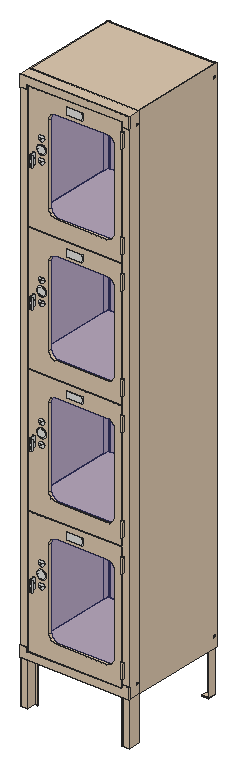
Revit family "Metal_See_Through_Lockers-Salsbury_Industries-S_54000_Series-1_Wide_Units", category Specialty Equipment, Revit 2016 (continued)
Definition of nested family "Metal Locker Front Filler"
  Automatic sketch dimensions
    plane 7 "Right Side of Filler" to Extrusion 4 sketch curve = 0.77824"
Definition of nested family "Metal Locker Flat Top Filler"
  Parameters (values of type "77842 - for 12" Deep Lockers (15" W)")
    Width = 16.250"
    Visible = yes
    Version = "1.0 (11/30/15)"
    Type Comments = "Flat Top Filler for Standard Metal Lockers"
    Primary Structure Material = none
    Model = "77842"
    MasterFormat Title = ""
    MasterFormat Number = ""
    Manufacturer = "Salsbury Industries"
    Height = 1.003"
    Description = "15\"W Flat Top In-Line Filler"
    Depth = 12.118"
    Assembly Code = ""
  Types (7): name | Width | Visible | Model | Depth
    77842 - for 12" Deep Lockers (15" W) | 16.250" | yes | "77842" | 12.118"
    77842 - for 12" Deep Lockers (9" W) | 10.250" | yes | "77842" | 12.118"
    77845 - for 15" Deep Lockers (15" W) | 16.250" | yes | "77845" | 15.118"
    77845 - for 15" Deep Lockers (9" W) | 10.250" | yes | "77845" | 15.118"
    77848 - for 18" Deep Lockers (15" W) | 16.250" | yes | "77848" | 18.118"
    77848 - for 18" Deep Lockers (9" W) | 10.250" | yes | "77848" | 18.118"
    None | 16.250" | no | "" | 12.118"
  Reference planes (in)
    plane 1 "Center (Front/Back)": y = -2.167
    plane 2: z = 0
    plane 3 "Center (Left/Right)": x = -4.595
    plane 4 "Bottom of Panel": z = 0
    plane 5 "Top of Panel": z = 1.003
    plane 6 "Front of Panel": y = -8.226
    plane 7 "Right Side of Enclosure": x = 3.53
    plane 8 "Left Side of Enclosure": x = -12.72
    plane 9 "Back of Panel": y = 3.892
    plane 10: z = 0.5015
  Forms (in)
    Extrusion 1, solid, material <- "Primary Structure Material", visible <- "Visible"
      sketch origin (-4.595, 0, 0) x (0, 1, 0) y (0, 0, 1)
        loop
          line (-8.226, 0) -> (-8.178, 0) -> (-8.178, 0.955) -> (3.892, 0.955) -> (3.892, 1.003) -> (-8.226, 1.003) -> (-8.226, 0)
      from -8.125 to 8.125
  Dimensions and locks (in)
    equal spacing: plane 6 "Front of Panel", plane 1 "Center (Front/Back)", plane 9 "Back of Panel"
    "Depth": plane 6 "Front of Panel" to plane 9 "Back of Panel"
    equal spacing: plane 8 "Left Side of Enclosure", plane 3 "Center (Left/Right)", plane 7 "Right Side of Enclosure"
    "Width": plane 8 "Left Side of Enclosure" to plane 7 "Right Side of Enclosure"
    equal spacing: plane 5 "Top of Panel", plane 10, plane 2
    "Height": plane 5 "Top of Panel" to plane 2
    aligned and locked: level to plane 2
    aligned and locked: Extrusion 1 to plane 7 "Right Side of Enclosure"
    aligned and locked: plane 8 "Left Side of Enclosure" to Extrusion 1
    aligned and locked: plane 6 "Front of Panel" to Extrusion 1
    aligned and locked: Extrusion 1 to plane 9 "Back of Panel"
  Automatic sketch dimensions
    plane 5 "Top of Panel" to Extrusion 1 sketch curve = 0.000"
    Extrusion 1 sketch curve to plane 6 "Front of Panel" = 0.000"
    Extrusion 1 sketch curve to level = 0.000"
    Extrusion 1 sketch curve to plane 9 "Back of Panel" = 0.000"
    Extrusion 1 sketch curve to plane 6 "Front of Panel" = 0.048"
    plane 5 "Top of Panel" to Extrusion 1 sketch curve = 0.048"
Definition of nested family "Metal Locker Flat Corner Filler"
  Parameters (values of type "77832 - for 12" Deep Lockers")
    Width = 12.625"
    Visible = yes
    Version = "1.0 (11/30/15)"
    Type Comments = "Flat Top Corner Filler for Standard Metal Lockers"
    Primary Structure Material = none
    Model = "77832"
    MasterFormat Title = ""
    MasterFormat Number = ""
    Manufacturer = "Salsbury Industries"
    Height = 0.048"
    Description = "12\"W Flat Top Corner Filler"
    Depth = 12.625"
    Assembly Code = ""
  Types (4): name | Width | Visible | Model | Description | Depth
    77832 - for 12" Deep Lockers | 12.625" | yes | "77832" | "12\"W Flat Top Corner Filler" | 12.625"
    77835 - for 15" Deep Lockers | 15.625" | yes | "77835" | "15\"W Flat Top Corner Filler" | 15.625"
    77838 - for 18" Deep Lockers | 18.625" | yes | "77838" | "18\"W Flat Top Corner Filler" | 18.625"
    None | 12.625" | no | "" | "" | 12.625"
  Reference planes (in)
    plane 1 "Center (Front/Back)": y = -2.167
    plane 2: z = 0
    plane 3 "Center (Left/Right)": x = -4.595
    plane 4 "Bottom of Panel": z = 0
    plane 5 "Top of Panel": z = 0.048
    plane 6 "Front of Panel": y = -8.4795
    plane 7 "Right Side of Enclosure": x = 1.7175
    plane 8 "Left Side of Enclosure": x = -10.9075
    plane 9 "Back of Panel": y = 4.1455
    plane 10: z = 0.024
  Forms (in)
    Extrusion 1, solid, material <- "Primary Structure Material", visible <- "Visible"
      sketch origin (0, 0, 0) x (0, -1, 0) y (1, 0, 0)
        loop
          line (7.8545, -10.9075) -> (7.8545, -10.2825) -> (8.4795, -10.2825) -> (8.4795, 1.7175) -> (-4.1455, 1.7175) -> (-4.1455, -10.9075) -> (7.8545, -10.9075)
      from 0 to 0.048
  Dimensions and locks (in)
    equal spacing: plane 6 "Front of Panel", plane 1 "Center (Front/Back)", plane 9 "Back of Panel"
    "Depth": plane 6 "Front of Panel" to plane 9 "Back of Panel"
    equal spacing: plane 8 "Left Side of Enclosure", plane 3 "Center (Left/Right)", plane 7 "Right Side of Enclosure"
    "Width": plane 8 "Left Side of Enclosure" to plane 7 "Right Side of Enclosure"
    equal spacing: plane 5 "Top of Panel", plane 10, plane 2
    "Height": plane 5 "Top of Panel" to plane 2
    aligned and locked: level to plane 2
    aligned and locked: Extrusion 1 to plane 9 "Back of Panel"
    aligned and locked: plane 6 "Front of Panel" to Extrusion 1
    aligned and locked: Extrusion 1 to plane 7 "Right Side of Enclosure"
    aligned and locked: plane 8 "Left Side of Enclosure" to Extrusion 1
  Automatic sketch dimensions
    Extrusion 1 sketch curve to plane 8 "Left Side of Enclosure" = 0.000"
    plane 9 "Back of Panel" to Extrusion 1 sketch curve = 0.000"
    plane 6 "Front of Panel" to Extrusion 1 sketch curve = 0.000"
    Extrusion 1 sketch curve to plane 7 "Right Side of Enclosure" = 0.000"
    Extrusion 1 sketch curve to plane 8 "Left Side of Enclosure" = 0.625"
    Extrusion 1 sketch curve to plane 6 "Front of Panel" = 0.625"
Definition of nested family "Metal Locker Sloping Hood"
  Parameters (values of type "77765 - for 15" Deep Lockers (1 Wide)")
    Width = 15.040"
    Visible = yes
    Version = "1.0 (11/30/15)"
    Type Comments = "Sloping Hood for Standard Metal Lockers"
    Slope Angle = 29.946°
    Primary Structure Material = none
    Model = "77752"
    MasterFormat Title = ""
    MasterFormat Number = ""
    Manufacturer = "Salsbury Industries"
    Height = 6.625"
    Dividing Lines = no
    Description = "12\" Deep for up to (3) 12\" Wide Lockers"
    Depth = 15.070"
    Assembly Code = ""
  Types (12): name | Width | Visible | Slope Angle | Model | Height | Dividing Lines | Description | Depth
    77752 - for 12" Deep Lockers (1 Wide) | 12.040" | yes | 28.761° | "77752" | 6.625" | no | "12\" Deep for up to (3) 12\" Wide Lockers" | 12.070"
    77752 - for 12" Deep Lockers (3 Wide) | 36.040" | yes | 28.761° | "77752" | 6.625" | yes | "12\" Deep for up to (3) 12\" Wide Lockers" | 12.070"
    77755 - for 15" Deep Lockers (1 Wide) | 12.040" | yes | 29.946° | "77755" | 8.682" | no | "15\" Deep for up to (3) 12\" Wide Lockers" | 15.070"
    77755 - for 15" Deep Lockers (3 Wide) | 36.040" | yes | 29.946° | "77755" | 8.628" | yes | "15\" Deep for up to (3) 12\" Wide Lockers" | 15.070"
    77758 - for 18" Deep Lockers (1 Wide) | 12.040" | yes | 30.723° | "77758" | 10.739" | no | "18\" Deep for up to (3) 12\" Wide Lockers" | 18.070"
    77758 - for 18" Deep Lockers (3 Wide) | 36.040" | yes | 30.723° | "77758" | 10.739" | yes | "18\" Deep for up to (3) 12\" Wide Lockers" | 18.070"
    None | 12.000" | no | 28.761° | "" | 6.625" | no | "" | 12.070"
    77765 - for 15" Deep Lockers (1 Wide) | 15.040" | yes | 29.946° | "77752" | 6.625" | no | "12\" Deep for up to (3) 12\" Wide Lockers" | 15.070"
    77768 - for 18" Deep Lockers (1 Wide) | 15.040" | yes | 30.723° | "77752" | 6.625" | no | "12\" Deep for up to (3) 12\" Wide Lockers" | 18.070"
    77765 - for 15" Deep Lockers (3 Wide) | 45.040" | yes | 29.946° | "77752" | 6.625" | yes | "12\" Deep for up to (3) 12\" Wide Lockers" | 15.070"
    77768 - for 18" Deep Lockers (3 Wide) | 45.040" | yes | 30.723° | "77752" | 6.625" | yes | "12\" Deep for up to (3) 12\" Wide Lockers" | 18.070"
    77759 - for 18" Deep Bridge Lockers | 72.040" | yes | 30.723° | "77752" | 6.625" | no | "12\" Deep for up to (3) 12\" Wide Lockers" | 18.070"
  Reference planes (in)
    plane 1 "Center (Front/Back)": y = -2.167
    plane 2: z = 0
    plane 3 "Center (Left/Right)": x = -4.595
    plane 4 "Bottom of Panel": z = 0
    plane 5 "Top of Panel": z = 6.625
    plane 6 "Front of Panel": y = -9.702
    plane 7 "Right Side of Enclosure": x = 2.925
    plane 8 "Left Side of Enclosure": x = -12.115
    plane 9 "Back of Panel": y = 5.368
    plane 10: z = 3.3125
    plane 11: through (0, -8.18107, 0.8762) normal (0, -0.4992, 0.8665)
    plane 12: through (0, -8.30682, 0.76798) normal (0, -0.4992, 0.8665)
    plane 13: y = 5.337
    plane 14: y = 5.306
    plane 15: y = 5.275
    plane 16: y = 4.87433
    plane 17 "Divider 1": x = -7.10167
    plane 18 "Divider 2": x = -2.08833
  Forms (in)
    Extrusion 1, solid, material <- "Primary Structure Material", visible <- "Visible"
      sketch origin (2.925, 0, 0) x (0, 0, -1) y (0, -1, 0)
        loop
          line (-8.68174, -5.368) -> (0, -5.368) -> (0, 9.702) -> (-8.68174, -5.368)
      from 0 to 0.031
    Extrusion 2, solid, material <- "Primary Structure Material", visible <- "Visible"
      sketch origin (2.925, 0, 0) x (0, 0, -1) y (0, -1, 0)
        loop
          line (0, -5.368) -> (0, -5.337) -> (-8.66388, -5.337) -> (-8.68174, -5.368) -> (0, -5.368)
      from 0.03098 to 0.40598
    Extrusion 3, solid, material <- "Primary Structure Material", visible <- "Visible"
      sketch origin (2.925, 0, 0) x (0, 0, -1) y (0, -1, 0)
        loop
          line (0, -5.337) -> (0, 9.6399) -> (-0.031, 9.58609) -> (-0.031, -5.337) -> (0, -5.337)
      from 0.031 to 0.80198
    Extrusion 4, solid, material <- "Primary Structure Material", visible <- "Visible"
      sketch origin (-12.115, 0, 0) x (0, 0, -1) y (0, -1, 0)
        loop
          line (-8.68174, -5.368) -> (0, -5.368) -> (0, 9.702) -> (-8.68174, -5.368)
      from 0 to -0.031
    Extrusion 5, solid, material <- "Primary Structure Material", visible <- "Visible"
      sketch origin (-12.115, 0, 0) x (0, 0, -1) y (0, -1, 0)
        loop
          line (0, -5.368) -> (0, -5.337) -> (-8.66388, -5.337) -> (-8.68174, -5.368) -> (0, -5.368)
      from -0.031 to -0.406
    Extrusion 6, solid, material <- "Primary Structure Material", visible <- "Visible"
      sketch origin (-12.115, 0, 0) x (0, 0, -1) y (0, -1, 0)
        loop
          line (0, -5.337) -> (0, 9.6399) -> (-0.031, 9.58609) -> (-0.031, -5.337) -> (0, -5.337)
      from -0.031 to -0.802
    Extrusion 7, solid, material <- "Primary Structure Material", visible <- "Visible"
      sketch origin (-4.595, 0, 0) x (0, 1, 0) y (0, 0, 1)
        loop
          line (5.337, 8.66388) -> (-9.702, 0) -> (-9.34738, 0) -> (-9.34738, 0.031) -> (-9.58609, 0.031) -> (5.306, 8.61025) -> (5.306, 8.27289) -> (5.337, 8.27289) -> (5.337, 8.66388)
      from -7.489 to 7.489
    Extrusion 8, solid, material <- "Primary Structure Material", visible <- "Visible"
      sketch origin (-4.595, -0.031, 0) x (0, 1, 0) y (0, 0, 1)
        loop
          line (5.337, 0.031) -> (5.337, 8.61025) -> (5.306, 8.59239) -> (5.306, 0.031) -> (5.337, 0.031)
      from -7.489 to 7.489
    Extrusion 9, solid, material <- "Primary Structure Material", visible <- "Visible"
      sketch origin (0, -0.031, 0) x (0, -1, 0) y (1, 0, 0)
        loop
          line (-5.306, -11.25653) -> (-4.90533, -11.25653) -> (-4.90533, 2.06919) -> (-5.306, 2.06919) -> (-5.306, -11.25653)
      from 0.031 to 0.06464
  Lines and regions (in)
    model lines, visible <- "Dividing Lines"
      curve 1: line (-7.10167, -9.71397, -0.0069) -> (-7.10167, 5.368, 8.68174)
      curve 2: line (-2.08833, -9.71397, -0.0069) -> (-2.08833, 5.368, 8.68174)
  Dimensions and locks (in)
    equal spacing: plane 6 "Front of Panel", plane 1 "Center (Front/Back)", plane 9 "Back of Panel"
    "Depth": plane 6 "Front of Panel" to plane 9 "Back of Panel"
    equal spacing: plane 8 "Left Side of Enclosure", plane 17 "Divider 1", plane 18 "Divider 2", plane 7 "Right Side of Enclosure"
    "Width": plane 8 "Left Side of Enclosure" to plane 7 "Right Side of Enclosure"
    equal spacing: plane 5 "Top of Panel", plane 10, plane 2
    "Height": plane 5 "Top of Panel" to plane 2
    locked: plane 11 to plane 12 at 0.031
    plane 16 to plane 15 to plane 14 to plane 13 to plane 9 "Back of Panel" = 0.40067", 0.031", 0.031", 0.031"
    equal spacing: plane 8 "Left Side of Enclosure", plane 3 "Center (Left/Right)", plane 7 "Right Side of Enclosure"
    "Slope Angle": angle plane 4 "Bottom of Panel" to plane 11
    aligned and locked: level to plane 2
    aligned and locked: Extrusion 1 to plane 9 "Back of Panel"
    aligned and locked: plane 4 "Bottom of Panel" to Extrusion 1
    aligned and locked: Extrusion 7 to Extrusion 1
    aligned and locked: Extrusion 7 to Extrusion 4
    aligned and locked: Extrusion 7 to Extrusion 8  (x2)
    aligned and locked: plane 11 to Extrusion 7 sketch curve
    aligned and locked: plane 12 to Extrusion 7 sketch curve
    aligned and locked: plane 12 to Extrusion 8 sketch curve
    aligned and locked: Extrusion 4 sketch curve to plane 11
    aligned and locked: Extrusion 1 sketch curve to plane 11
    aligned and locked: Extrusion 3 sketch curve to plane 12
    aligned and locked: Extrusion 6 sketch curve to plane 12
    aligned and locked: plane 13 to Extrusion 7
    aligned and locked: plane 14 to Extrusion 8
    aligned and locked: plane 15 to Extrusion 8
    aligned and locked: plane 16 to Extrusion 9
    aligned and locked: plane 13 to Extrusion 7 sketch curve
    aligned and locked: Extrusion 7 sketch curve to plane 14
    aligned and locked: plane 13 to Extrusion 2 sketch curve
    aligned and locked: plane 11 to Extrusion 2 sketch curve
    aligned and locked: plane 13 to Extrusion 5 sketch curve
    aligned and locked: plane 11 to Extrusion 5 sketch curve
    aligned and locked: curve 2 to plane 18 "Divider 2"
    aligned and locked: curve 1 to plane 17 "Divider 1"
  Automatic sketch dimensions
    Extrusion 7 sketch curve to level = 0.000"
    level to Extrusion 7 sketch curve = 0.031"
    Extrusion 7 sketch curve to Extrusion 7 sketch curve = 0.23871"
    Extrusion 7 sketch curve to Extrusion 7 sketch curve = 0.33736"
    Extrusion 1 sketch curve to plane 9 "Back of Panel" = 0.000"
    Extrusion 1 sketch curve to level = 0.000"
    Extrusion 2 sketch curve to plane 9 "Back of Panel" = 0.000"
    Extrusion 2 sketch curve to level = 0.000"
    Extrusion 3 sketch curve to plane 13 = 0.000"
    Extrusion 3 sketch curve to level = 0.000"
    level to Extrusion 3 sketch curve = 0.031"
    Extrusion 4 sketch curve to plane 9 "Back of Panel" = 0.000"
    Extrusion 4 sketch curve to level = 0.000"
    Extrusion 5 sketch curve to plane 9 "Back of Panel" = 0.000"
    Extrusion 5 sketch curve to level = 0.000"
    Extrusion 6 sketch curve to plane 13 = 0.000"
    Extrusion 6 sketch curve to level = 0.000"
    Extrusion 6 sketch curve to Extrusion 6 sketch curve = 0.031"
    Extrusion 8 sketch curve to plane 15 = 0.000"
    Extrusion 8 sketch curve to plane 14 = 0.000"
    level to Extrusion 8 sketch curve = 0.031"
    plane 15 to Extrusion 9 sketch curve = 0.000"
    plane 16 to Extrusion 9 sketch curve = 0.000"
    Extrusion 9 sketch curve to plane 8 "Left Side of Enclosure" = 0.85847"
    plane 7 "Right Side of Enclosure" to Extrusion 9 sketch curve = 0.85581"
    curve 1 to plane 9 "Back of Panel" = 0.000"
    plane 11 to curve 1 = 0.000"
    curve 1 to plane 11 = 0.000"
    curve 1 to level = 0.0069"
    curve 2 to plane 9 "Back of Panel" = 0.000"
    plane 11 to curve 2 = 0.000"
    curve 2 to plane 11 = 0.000"
    curve 2 to level = 0.0069"
Definition of nested family "Metal Locker Sloping Top Filler"
  Parameters (values of type "77882 - for 12" Deep Lockers (15" W)")
    Width = 16.250"
    Visible = yes
    Version = "1.0 (11/30/15)"
    Type Comments = "Sloping Hood In-Line Filler for Standard Metal Lockers"
    Slope Angle = 28.761°
    Primary Structure Material = none
    Model = "77882"
    MasterFormat Title = ""
    MasterFormat Number = ""
    Manufacturer = "Salsbury Industries"
    Height = 1.003"
    Description = "15\"W Sloping Hood In-Line Filler"
    Depth = 12.118"
    Assembly Code = ""
  Types (7): name | Width | Visible | Type Comments | Slope Angle | Model | Description | Depth
    77882 - for 12" Deep Lockers (15" W) | 16.250" | yes | "Sloping Hood In-Line Filler for Standard Metal Lockers" | 28.761° | "77882" | "15\"W Sloping Hood In-Line Filler" | 12.118"
    77882 - for 12" Deep Lockers (9" W) | 10.250" | yes | "Sloping Hood In-Line Filler for Standard Metal Lockers" | 28.761° | "77882" | "15\"W Sloping Hood In-Line Filler" | 12.118"
    77885 - for 15" Deep Lockers (15" W) | 16.250" | yes | "Sloping Hood In-Line Filler for Standard Metal Lockers" | 29.946° | "77885" | "15\"W Sloping Hood In-Line Filler" | 15.118"
    77885 - for 15" Deep Lockers (9" W) | 10.250" | yes | "Sloping Hood In-Line Filler for Standard Metal Lockers" | 29.946° | "77885" | "15\"W Sloping Hood In-Line Filler" | 15.118"
    77888 - for 18" Deep Lockers (15" W) | 16.250" | yes | "Sloping Hood In-Line Filler for Standard Metal Lockers" | 30.723° | "77888" | "15\"W Sloping Hood In-Line Filler" | 18.118"
    77888 - for 18" Deep Lockers (9" W) | 10.250" | yes | "Sloping Hood In-Line Filler for Standard Metal Lockers" | 30.723° | "77888" | "15\"W Sloping Hood In-Line Filler" | 18.118"
    None | 16.250" | no | "Sloping Hood for Standard Metal Lockers" | 28.761° | "" | "" | 12.118"
  Reference planes (in)
    plane 1 "Center (Front/Back)": y = -2.167
    plane 2: z = 0
    plane 3 "Center (Left/Right)": x = -4.595
    plane 4 "Bottom of Panel": z = 0
    plane 5 "Top of Panel": z = 1.003
    plane 6 "Front of Panel": y = -8.226
    plane 7 "Right Side of Enclosure": x = 3.53
    plane 8 "Left Side of Enclosure": x = -12.72
    plane 9 "Back of Panel": y = 3.892
    plane 10: z = 0.5015
    plane 11: through (0, -7.6072, 0.33964) normal (0, -0.4812, 0.8766)
    plane 12: through (0, -7.72698, 0.21914) normal (0, -0.4812, 0.8766)
  Forms (in)
    Extrusion 1, solid, material <- "Primary Structure Material", visible <- "Visible"
      sketch origin (-4.595, 0, 0) x (0, 1, 0) y (0, 0, 1)
        loop
          line (3.892, 6.65119) -> (-8.226, 0) -> (-8.226, -1.028) -> (-8.178, -1.028) -> (-8.178, -0.02841) -> (3.892, 6.59643) -> (3.892, 6.65119)
      from -8.125 to 8.125
  Dimensions and locks (in)
    equal spacing: plane 6 "Front of Panel", plane 1 "Center (Front/Back)", plane 9 "Back of Panel"
    "Depth": plane 6 "Front of Panel" to plane 9 "Back of Panel"
    equal spacing: plane 8 "Left Side of Enclosure", plane 3 "Center (Left/Right)", plane 7 "Right Side of Enclosure"
    "Width": plane 8 "Left Side of Enclosure" to plane 7 "Right Side of Enclosure"
    equal spacing: plane 5 "Top of Panel", plane 10, plane 2
    "Height": plane 5 "Top of Panel" to plane 2
    locked: plane 11 to plane 12 at 0.048
    "Slope Angle": angle plane 4 "Bottom of Panel" to plane 11
    aligned and locked: level to plane 2
    aligned and locked: plane 11 to Extrusion 1 sketch curve
    aligned and locked: plane 12 to Extrusion 1 sketch curve
    aligned and locked: Extrusion 1 to plane 7 "Right Side of Enclosure"
    aligned and locked: plane 8 "Left Side of Enclosure" to Extrusion 1
  Automatic sketch dimensions
    Extrusion 1 sketch curve to plane 6 "Front of Panel" = 0.000"
    Extrusion 1 sketch curve to Extrusion 1 sketch curve = 0.99959"
    Extrusion 1 sketch curve to level = 0.02841"
    Extrusion 1 sketch curve to plane 9 "Back of Panel" = 0.000"
Definition of nested family "Metal Locker Sloping Corner Filler"
  Parameters (values of type "77872 - for 12" Deep Lockers")
    Width = 12.695"
    Visible = yes
    Version = "1.0 (11/30/15)"
    Type Comments = "Sloping Hood Corner Filler for Standard Metal Lockers"
    Slope Angle 2 = 28.761°
    Slope Angle 1 = 28.761°
    Primary Structure Material = none
    Model = "77872"
    MasterFormat Title = ""
    MasterFormat Number = ""
    Manufacturer = "Salsbury Industries"
    Height = 6.87897"
    Description = "12\"D Sloping Hood Corner Filler"
    Depth = 12.695"
    Assembly Code = ""
  Types (4): name | Width | Visible | Slope Angle 2 | Slope Angle 1 | Model | Description | Depth
    77872 - for 12" Deep Lockers | 12.695" | yes | 28.761° | 28.761° | "77872" | "12\"D Sloping Hood Corner Filler" | 12.695"
    77875 - for 15" Deep Lockers | 15.695" | yes | 29.946° | 29.946° | "77875" | "15\"D Sloping Hood Corner Filler" | 15.695"
    77878 - for 18" Deep Lockers | 18.695" | yes | 30.723° | 30.723° | "77878" | "18\"D Sloping Hood Corner Filler" | 18.695"
    None | 12.695" | no | 28.723° | 28.723° | "" | "" | 12.695"
  Reference planes (in)
    plane 1 "Center (Front/Back)": y = -2.167
    plane 2: z = 0
    plane 3 "Center (Left/Right)": x = -4.595
    plane 4 "Bottom of Panel": z = 0
    plane 5 "Top of Panel": z = 6.87897
    plane 6 "Front of Panel": y = -8.5145
    plane 7 "Right Side of Enclosure": x = 1.7525
    plane 8 "Left Side of Enclosure": x = -10.9425
    plane 9 "Back of Panel": y = 4.1805
    plane 10 "Center Top/Bottom": z = 3.43948
    plane 11 "Slope 1": through (0, -7.42276, 0.59922) normal (0, -0.4812, 0.8766)
    plane 12: through (0, -7.54254, 0.47872) normal (0, -0.4812, 0.8766)
    plane 13 "Diagonal Plane": through (-10.86131, 4.09969, 48) normal (0.7071, 0.7071, 0)
    plane 14 "Cutout Plane 1": y = -7.8895
    plane 15 "Cutout Plane 2": x = 1.1275
    plane 16 "Slope 2": through (1.43902, -180, 0.17206) normal (-0.4812, 0, -0.8766)
    plane 17: through (5.04554, -180, -1.86199) normal (-0.4812, 0, -0.8766)
  Forms (in)
    Extrusion 1, solid, material <- "Primary Structure Material", visible <- "Visible"
      sketch origin (-4.595, 0, 0) x (0, 1, 0) y (0, 0, 1)
        loop
          line (-7.8895, 0.28829) -> (4.1805, 6.91313) -> (4.1805, 6.96789) -> (-7.8895, 0.34304) -> (-7.8895, 0.28829)
      from -6.3475 to 6.3475
    Extrusion 2, void
      sketch origin (0, 0, 3.43948) x (1, 0, 0) y (0, 1, 0)
        loop
          line (1.75288, -8.5145) -> (-10.9425, 4.18088) -> (-10.9425, -8.5145) -> (1.75288, -8.5145)
      from -3.43948 to 8.2673
    Extrusion 3, solid, material <- "Primary Structure Material", visible <- "Visible"
      sketch origin (0, -2.167, 0) x (1, 0, 0) y (0, 0, 1)
        loop
          line (1.1275, 0.2885) -> (1.1275, 0.34304) -> (-10.9425, 6.96789) -> (-10.9425, 6.91334) -> (1.1275, 0.2885)
      from -6.3475 to 6.3475
    Extrusion 4, void
      sketch origin (-4.595, 0, 0) x (0, 1, 0) y (0, 0, 1)
        loop
          line (4.1805, 0) -> (4.1805, 6.91313) -> (-8.41474, 0) -> (4.1805, 0)
      from -6.3475 to 6.3475
    Extrusion 5, solid, not visible
      sketch origin (1.1275, 0, 0) x (0, -1, 0) y (0, 0, 1)
        loop
          line (8.60982, 0.2885) -> (7.8895, 0.2885) -> (7.8895, 0) -> (8.60982, 0) -> (8.60982, 0.2885)
      from -0.72026 to 0
  Cuts and joins
    Extrusion 2, Extrusion 4 cuts Extrusion 1
    Extrusion 4 cuts Extrusion 3
  Dimensions and locks (in)
    equal spacing: plane 6 "Front of Panel", plane 1 "Center (Front/Back)", plane 9 "Back of Panel"
    "Depth": plane 6 "Front of Panel" to plane 9 "Back of Panel"
    equal spacing: plane 8 "Left Side of Enclosure", plane 3 "Center (Left/Right)", plane 7 "Right Side of Enclosure"
    "Width": plane 8 "Left Side of Enclosure" to plane 7 "Right Side of Enclosure"
    equal spacing: plane 5 "Top of Panel", plane 10 "Center Top/Bottom", plane 2
    "Height": plane 5 "Top of Panel" to plane 2
    locked: plane 11 "Slope 1" to plane 12 at 0.048
    locked: plane 15 "Cutout Plane 2" to plane 7 "Right Side of Enclosure" at 0.625
    locked: plane 6 "Front of Panel" to plane 14 "Cutout Plane 1" at 0.625
    locked: plane 17 to plane 16 "Slope 2" at 0.04782
    "Slope Angle 1": angle plane 4 "Bottom of Panel" to plane 11 "Slope 1"
    "Slope Angle 2": angle plane 16 "Slope 2" to plane 4 "Bottom of Panel"
    aligned and locked: level to plane 2
    aligned and locked: Extrusion 1 sketch curve to plane 14 "Cutout Plane 1"
    aligned and locked: plane 9 "Back of Panel" to Extrusion 1 sketch curve
    aligned and locked: Extrusion 1 sketch curve to plane 11 "Slope 1"
    aligned and locked: plane 12 to Extrusion 1 sketch curve
    aligned and locked: plane 8 "Left Side of Enclosure" to Extrusion 1
    aligned and locked: Extrusion 1 to plane 7 "Right Side of Enclosure"
    aligned and locked: plane 6 "Front of Panel" to Extrusion 2 sketch curve
    aligned and locked: plane 8 "Left Side of Enclosure" to Extrusion 2 sketch curve
    aligned and locked: plane 13 "Diagonal Plane" to Extrusion 2 sketch curve
    aligned and locked: plane 4 "Bottom of Panel" to cut or joined group of Extrusion 1, Extrusion 2, Extrusion 4
    aligned and locked: Extrusion 4 sketch curve to level
    aligned and locked: Extrusion 4 sketch curve to plane 9 "Back of Panel"
    aligned and locked: plane 12 to Extrusion 4 sketch curve
    aligned and locked: Extrusion 4 to plane 7 "Right Side of Enclosure"
    aligned and locked: plane 8 "Left Side of Enclosure" to Extrusion 4
    aligned and locked: cut or joined group of Extrusion 3, Extrusion 4 to plane 15 "Cutout Plane 2"
    aligned and locked: plane 6 "Front of Panel" to cut or joined group of Extrusion 3, Extrusion 4
    aligned and locked: cut or joined group of Extrusion 3, Extrusion 4 to plane 9 "Back of Panel"
    aligned and locked: Extrusion 3 sketch curve to plane 15 "Cutout Plane 2"
    aligned and locked: Extrusion 3 sketch curve to plane 16 "Slope 2"
    aligned and locked: plane 8 "Left Side of Enclosure" to Extrusion 3 sketch curve
    aligned and locked: plane 17 to Extrusion 3 sketch curve
  Automatic sketch dimensions
    Extrusion 5 sketch curve to plane 14 "Cutout Plane 1" = 0.000"
    Extrusion 5 sketch curve to level = 0.000"
    plane 6 "Front of Panel" to Extrusion 5 sketch curve = 0.09532"
    Extrusion 5 sketch curve to Extrusion 5 sketch curve = 0.2885"
Types (7): name | Zee Base | Unit Height including Sloping Hood Only | Type Comments | Sloping Hood Height | Unit Height including Base Only | Overall Unit Height (including Base and Sloping Hood) | Model | Description | Depth | Base Height | Standard Leg Base
  (no name) | Metal Locker Zee Base : None | 80.682" | "15\" Wide See-Through Metal Locker - Four Tier" | 8.682" | 78.000" | 86.682" | "S-54165" | "1 Wide - 6 Feet High - 15 Inches Deep" | 15.010" | 6.000" | Metal Locker Legs : 6" High - 15"W x 15"D
  S-54165 - with Standard 6" High Legs | Metal Locker Zee Base : None | 80.682" | "15\" Wide See-Through Metal Locker - Four Tier" | 8.682" | 78.000" | 86.682" | "S-54165" | "1 Wide - 6 Feet High - 15 Inches Deep" | 15.010" | 6.000" | Metal Locker Legs : 6" High - 15"W x 15"D
  S-54168 - with Standard 6" High Legs | Metal Locker Zee Base : None | 82.739" | "15\" Wide See-Through Metal Locker - Four Tier" | 10.739" | 78.000" | 88.739" | "S-54168" | "1 Wide - 6 Feet High - 18 Inches Deep" | 18.010" | 6.000" | Metal Locker Legs : 6" High - 15"W x 18"D
  S-54165 - with 77575 Zee Base and 77550 Lockers without Legs | Metal Locker Zee Base : 77575 - 15"W x 15"D | 80.682" | "15\" Wide See-Through Metal Locker - Triple Tier" | 8.682" | 76.000" | 84.682" | "S-54165 with 77575 and 77550" | "1 Wide - 6 Feet High - 15 Inches Deep with Zee Base and Lockers without Legs" | 15.010" | 4.000" | Metal Locker Legs : No Legs
  S-54168 - with 77578 Zee Base and 77550 Lockers without Legs | Metal Locker Zee Base : 77578 - 15"W x 18"D | 82.739" | "15\" Wide See-Through Metal Locker - Four Tier" | 10.739" | 76.000" | 86.739" | "S-54168 with 77578 and 77550" | "1 Wide - 6 Feet High - 18 Inches Deep with Zee Base and Lockers without Legs" | 18.010" | 4.000" | Metal Locker Legs : No Legs
  S-54165 - with 77550 Lockers without Legs | Metal Locker Zee Base : None | 80.682" | "15\" Wide See-Through Metal Locker - Four Tier" | 8.682" | 72.000" | 80.682" | "S-54165 with 77550" | "1 Wide - 6 Feet High - 15 Inches Deep with Lockers without Legs" | 15.010" | 0.000" | Metal Locker Legs : No Legs
  S-54168 - with 77550 Lockers without Legs | Metal Locker Zee Base : None | 82.739" | "15\" Wide See-Through Metal Locker - Four Tier" | 10.739" | 72.000" | 82.739" | "S-54168 with 77550" | "1 Wide - 6 Feet High - 18 Inches Deep with Lockers without Legs" | 18.010" | 0.000" | Metal Locker Legs : No Legs
